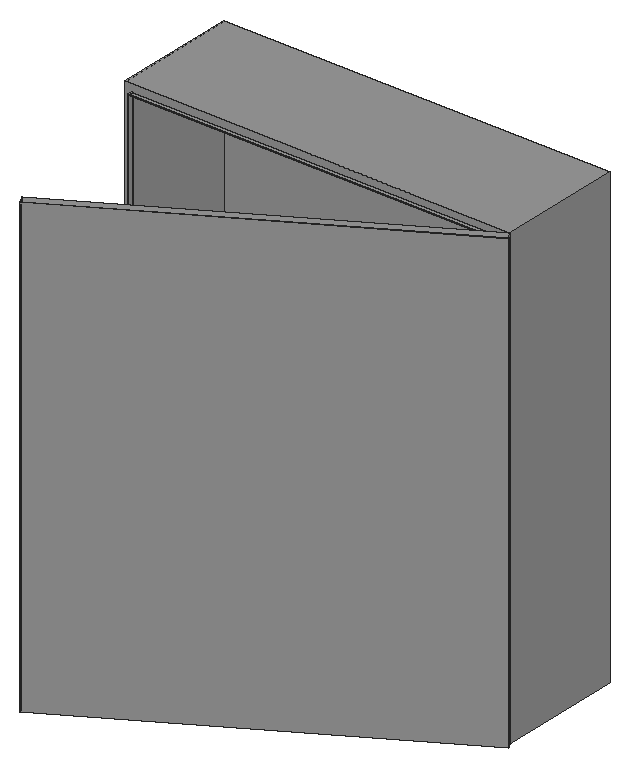
Revit family "Hager-Univers-IP55-D275-H950-Cl.I-Steel_encl-NoHosted-DE-de", category Equipement électrique, Revit 2020
Family settings
  Configuration du panneau = Deux colonnes, circuits au sein
  Cote de connecteur circulaire = Utiliser le diamètre
  Type d'élément = Tableau de raccordement
  Basée sur le plan de construction = Oui
  Toujours verticalement = Oui
  Couper avec des vides une fois chargée = Non
  Partagée = Non
  Point de calcul de pièce = Non
Parameters (values of type "Aufputz IP55 B800 H950 T275  - FR63E")
  Width Control [instance] = if([EF000008 - Breite] > Min Width, [EF000008 - Breite], Min Width)  # 800 mm
  Commentaires du type = [HG000003 - Bereich]  # "Univers"
  Thickness Door [instance] = if([EF009171 - Materialstärke Tür/Deckel] > 3 mm, 3 mm, [EF009171 - Materialstärke Tür/Deckel])  # 1.5 mm
  Seal Frame Offset [instance] = 17 mm  # constant formula
  Plinth Visibility [instance] = [HG000027 - Sockelhöhe] > 0 mm  # no
  Min Width [instance] = 100 mm  # constant formula
  Min Depth [instance] = (2 * [EF009170 - Materialstärke Gehäuse]) + 1 mm  # 4 mm
  Min Height [instance] = 100 mm  # constant formula
  Internal Frame Depth [instance] = (Door System Depth * 0.5)  # 9 mm
  Panel Name [instance] = ""  # (empty or 0)
  Model = ""
  HG000027 - Sockelhöhe = 0 mm
  HG000026 - Stehend auf dem Boden = no
  HG000024 - Höhe des unteren Teils = 600 mm
  HG000023 - Gehäuse mit doppeltem Querschnitt = no
  HG000016 - 3D-Türsichtbarkeit [instance] = yes
  HG000015 - Sichtbarkeit der Türöffnung [instance] = no
  HG000014 - Tür rechts [instance] = yes
  HG000013 - Tür links [instance] = not([HG000014 - Tür rechts])  # no
  HG000012 - Türschwenkwinkel [instance] = 30.00°
  HG000010 - Asymmetrische Türen = no
  HG000009 - Doppelflügeligen Tür = no
  HG000006 - Unterputz = no
  HG000004 - Herstellerreferenz = "FR63E"
  HG000003 - Bereich = "Univers"
  HG000002 - Mit tür = yes
  Frame Offset Bottom [instance] = 10 mm  # constant formula
  Frame Offset [instance] = 15 mm  # constant formula
  EF015940 - Deckel mit Überdruckentlastung = no
  EF011959 - Schutzart (NEMA) = ""
  EF009554 - Anzahl der Öffnungen für Flanschplatten = 6
  EF009212 - Ausführung Deckel = "EV000116 - geschlossen"
  EF009171 - Materialstärke Tür/Deckel = 1.5 mm
  EF009170 - Materialstärke Gehäuse = 1.5 mm
  EF008873 - Nennstrom (In) = 800 A
  EF007800 - Geeignet für Blitzschutz = no
  EF006306 - Mit Schloss = no
  EF006244 - Transparenter Deckel/Tür = no
  EF005474 - Schutzart (IP) = "EV006420 - IP55"
  EF004464 - Art der Tür = "EV002646 - Einzel"
  EF004427 - Anzahl der Module = 216
  EF004293 - Schlagfestigkeit = "EV008784 - IK10"
  EF003532 - Geeignet für Außengebrauch = no
  EF002950 - Breite in Teilungseinheiten = 24
  EF001613 - Funktionserhalt = "EV000494 - ohne"
  EF001596 - Werkstoff des Gehäuses = "EV000179 - Stahl"
  EF001131 - Innentiefe = 275 mm
  EF001088 - Anbaumöglichkeit = yes
  EF000437 - Anzahl der Leitungseinführungen = 6
  EF000339 - Art der Abdeckung = "EV004216 - Tür"
  EF000266 - Anzahl der Reihen = 6
  EF000218 - Einbautiefe = 0 mm
  EF000118 - Mit Montageplatte = no
  EF000116 - RAL-Nummer = "7035"
  EF000049 - Tiefe = 275 mm
  EF000040 - Höhe = 950 mm
  EF000008 - Breite = 800 mm
  EF000007 - Farbe = "EV000270 - grau"
  EF000003 - Montageart = "EV000384 - Aufputz"
  Door System Leaf Tolerance [instance] = 1.5 mm  # constant formula
  Door System Depth [instance] = 18 mm  # constant formula
  Door Height [instance] = Height Control - [HG000027 - Sockelhöhe]  # 950 mm
  Description = ""
  Default Elevation = 1219.2 mm
  Connector Offset [instance] = Height Control / 2  # 475 mm
  Fabricant = "Hager"  # constant formula
  Height Control [instance] = if([EF000040 - Höhe] > Min Height, [EF000040 - Höhe], Min Height)  # 950 mm
  Depth Control [instance] = if([EF000049 - Tiefe] > Min Depth, [EF000049 - Tiefe], Min Depth)  # 275 mm
  Bottom Top Plate Trim [instance] = 1.5 mm  # constant formula
  Plinth height Ctrl [instance] = if([HG000027 - Sockelhöhe] > 0 mm, [HG000027 - Sockelhöhe], 12 mm)  # 12 mm
Types (5, lengths in mm): name | Width Control | HG000010 - Asymmetrische Türen | HG000009 - Doppelflügeligen Tür | HG000004 - Herstellerreferenz | EF009554 - Anzahl der Öffnungen für Flanschplatten | EF004464 - Art der Tür | EF004427 - Anzahl der Module | EF000437 - Anzahl der Leitungseinführungen | EF000008 - Breite
  Aufputz IP55 B1050 H950 T275  - FR64E | 1050 | no | yes | "FR64E" | 8 | "EV003602 - Doppel" | 288 | 8 | 1050
  Aufputz IP55 B1300 H950 T275  - FR65E | 1300 | yes | yes | "FR65E" | 10 | "EV003602 - Doppel" | 360 | 10 | 1300
  Aufputz IP55 B300 H950 T275  - FR61E | 300 | no | no | "FR61E" | 2 | "EV002646 - Einzel" | 72 | 2 | 300
  Aufputz IP55 B550 H950 T275  - FR62E | 550 | no | no | "FR62E" | 4 | "EV002646 - Einzel" | 144 | 4 | 550
  Aufputz IP55 B800 H950 T275  - FR63E | 800 | no | no | "FR63E" | 6 | "EV002646 - Einzel" | 216 | 6 | 800
Reference planes
  plane 1 "Center (Front/Back)": y = 0
  plane 2: z = 0
  plane 3 "Center (Left/Right)": x = 0
  plane 4: y = 0
  plane 5: y = 0
  plane 6: z = 0
  plane 7: x = -400
  plane 8: x = 400
  plane 9: x = 398.5
  plane 10: x = -398.5
  plane 11: z = 0
  plane 12: z = 1.5
  plane 13: y = -275
  plane 14: y = -1.5
  plane 15: x = 0
  plane 16: y = -257
  plane 17: y = -273.5
  plane 18: y = -255.5
  plane 19: x = -383.5
  plane 20: x = 383.5
  plane 21: z = 11.5
  plane 22: x = -383
  plane 23: x = 383
  plane 24: z = 0
  plane 25: z = 950
  plane 26: z = 950
  plane 27: z = 933.5
  plane 28: z = 948.5
Forms (mm)
  Extrusion 1, solid, material "Hager_Steel_RAL7035_Light_Grey", detail levels medium+fine
    sketch origin (-208.679, -4572, 0) x (-1, 0, 0) y (0, -1, 0)
      loop
        line (191.321, -4315) -> (-608.679, -4315) -> (-608.679, -4572) -> (191.321, -4572) -> (191.321, -4315)
    from 0 to 950
  Extrusion 2, void
    sketch origin (-350.771, -275, 1219.2) x (1, 0, 0) y (0, 0, 1)
      loop
        line (-47.729, -270.7) -> (-47.729, -1217.7) -> (749.271, -1217.7) -> (749.271, -270.7) -> (-47.729, -270.7)
    from -19.5 to -273.5
  Extrusion 3, void
    sketch origin (-290.084, -257, 1219.2) x (1, 0, 0) y (0, 0, 1)
      loop
        line (-93.416, -1207.7) -> (673.584, -1207.7) -> (673.584, -285.7) -> (-93.416, -285.7) -> (-93.416, -1207.7)
    from 0 to -1.5
  Extrusion 4, solid, material "Hager_Steel_RAL7035_Light_Grey", visible <- "Plinth Visibility", detail levels medium+fine
    sketch origin (0, 0, 0) x (1, 0, 0) y (0, 1, 0)
      loop
        line (-400, 0) -> (-400, -257) -> (400, -257) -> (400, 0) -> (-400, 0)
    from 0 to 12 <- "Plinth height Ctrl"
  Extrusion 5, solid, material "Hager_Steel_RAL7035_Light_Grey", detail levels coarse
    sketch origin (0, 0, 0) x (1, 0, 0) y (0, 1, 0)
      loop
        line (-400, 0) -> (-400, -275) -> (400, -275) -> (400, 0) -> (-400, 0)
    from 0 to 950 <- "Height Control"
  Sweep 6, void
    path in 3D
      loop
        line (-400, -257, 12) -> (400, -257, 12) -> (400, 0, 12) -> (-400, 0, 12) -> (-400, -257, 12)
    profile origin (-400, -128.5, 12) x (1, 0, 0) y (0, 0, 1)
      loop
        line (0, 0) -> (0, -1.5) -> (1.5, -1.5)
        arc (1.5, -1.5) -> (1.061, -0.439) -> (0, 0) r 1.5
  Extrusion 7, solid, material "Hager_Steel_RAL7035_Light_Grey", detail levels fine
    sketch origin (-400, -257, 0) x (1, 0, 0) y (0, 0, 1)
      loop
        line (16.5, 11.5) -> (783.5, 11.5) -> (783.5, 933.5) -> (16.5, 933.5) -> (16.5, 11.5)
      loop
        line (15, 10) -> (785, 10) -> (785, 935) -> (15, 935) -> (15, 10)
    from 0 to 9 <- "Internal Frame Depth"
Cuts and joins
  Extrusion 2, Extrusion 3 cuts Extrusion 1
  Sweep 6 cuts Extrusion 4
Lines and regions (mm)
  Masking region 1
    outline origin (0, 0, 0) x (1, 0, 0) y (0, 1, 0)
      loop
        line (-400, 0) -> (-400, -275) -> (400, -275) -> (400, 0) -> (-400, 0)
  Masking region 2, detail levels coarse
    outline origin (-290.084, -257, 1219.2) x (-1, 0, 0) y (0, 0, 1)
      loop
        line (-690.084, -1219.2) -> (109.916, -1219.2) -> (109.916, -269.2) -> (-690.084, -269.2) -> (-690.084, -1219.2)
  Masking region 3, detail levels coarse
    outline origin (0, 0, 0) x (0, 1, 0) y (0, 0, 1)
      loop
        line (0, 0) -> (0, 950) -> (-275, 950) -> (-275, 0) -> (0, 0)
  Masking region 4, visible <- "Plinth Visibility", detail levels medium+fine
    outline origin (0, 0, 0) x (0, 1, 0) y (0, 0, 1)
      loop
        line (-1.5, 12) -> (-255.5, 12)
        arc (-255.5, 12) -> (-255.939, 10.939) -> (-257, 10.5) r 1.5
        line (-257, 10.5) -> (-257, 0) -> (0, 0) -> (0, 10.5)
        arc (0, 10.5) -> (-1.061, 10.939) -> (-1.5, 12) r 1.5
  Masking region 5, detail levels medium+fine
    outline origin (0, 0, 594.038) x (0, 1, 0) y (0, 0, 1)
      loop
        line (0, -594.038) -> (0, 355.962) -> (-257, 355.962) -> (-257, -594.038) -> (0, -594.038)
  Masking region 6, detail levels medium+fine
    outline origin (-359.7, -257, 1211.883) x (-1, 0, 0) y (0, 0, 1)
      loop
        line (-759.7, -1211.883) -> (40.3, -1211.883) -> (40.3, -261.883) -> (-759.7, -261.883) -> (-759.7, -1211.883)
  Masking region 7, visible <- "Plinth Visibility", detail levels medium+fine
    outline origin (-320.334, -257, 1041.368) x (-1, 0, 0) y (0, 0, 1)
      loop
        line (-720.334, -1041.368) -> (79.666, -1041.368) -> (79.666, -1030.868)
        arc (79.666, -1030.868) -> (78.606, -1030.429) -> (78.166, -1029.368) r 1.5
        line (78.166, -1029.368) -> (-718.834, -1029.368)
        arc (-718.834, -1029.368) -> (-719.273, -1030.429) -> (-720.334, -1030.868) r 1.5
        line (-720.334, -1030.868) -> (-720.334, -1041.368)
  sketch lines
    curve 1: line (-400, 0, 12) -> (-400, -257, 12)
    curve 2: line (-400, -257, 12) -> (400, -257, 12)
    curve 3: line (400, 0, 12) -> (-400, 0, 12)
    curve 4: line (400, -257, 12) -> (400, 0, 12)
Dimensions and locks
  locked: plane 1 "Center (Front/Back)" to plane 5
  "EF009170 - Materialstärke Gehäuse": plane 7 to plane 10
  "EF009170 - Materialstärke Gehäuse": plane 8 to plane 9
  equal spacing: plane 7, plane 3 "Center (Left/Right)", plane 8
  "Width Control": plane 7 to plane 8
  "Depth Control": plane 4 to plane 13
  "EF009170 - Materialstärke Gehäuse": plane 4 to plane 14
  "Height Control": plane 25 to level
  "HG000027 - Sockelhöhe": plane 11 to level
  "EF009170 - Materialstärke Gehäuse": plane 12 to plane 11
  "EF009170 - Materialstärke Gehäuse": plane 17 to plane 13
  "EF009170 - Materialstärke Gehäuse": plane 18 to plane 16
  "Frame Offset Bottom": plane 21 to plane 12
  "Frame Offset": plane 10 to plane 19
  "Frame Offset": plane 9 to plane 20
  "Door System Depth": plane 16 to plane 13
  "Seal Frame Offset": plane 7 to plane 22
  "Seal Frame Offset": plane 8 to plane 23
  "EF009170 - Materialstärke Gehäuse": plane 26 to plane 28
  "Frame Offset": plane 28 to plane 27
  "Connector Offset": plane 2 to connector elem
  "Bottom Top Plate Trim": profile plane to Sweep 6 sketch curve
  "Bottom Top Plate Trim": Sweep 6 sketch curve to Sweep 6 sketch curve
  "Plinth height Ctrl": Masking region 4 sketch curve to level
  "Plinth height Ctrl": Masking region 7 sketch curve to level
  "Thickness Door": Extrusion 7 sketch curve to Extrusion 7 sketch curve  (x4)
  "Bottom Top Plate Trim": radius of Sweep 6 sketch curve
  "Bottom Top Plate Trim": radius of Masking region 4 sketch curve  (x2)
  "Bottom Top Plate Trim": radius of Masking region 7 sketch curve  (x2)
  aligned and locked: Extrusion 2 sketch curve to plane 12
  aligned and locked: Extrusion 2 sketch curve to plane 9
  aligned and locked: Extrusion 2 sketch curve to plane 10
  aligned and locked: Extrusion 2 to plane 14
  aligned and locked: Extrusion 1 sketch curve to plane 4
  aligned and locked: plane 8 to Extrusion 1 sketch curve
  aligned and locked: plane 7 to Extrusion 1 sketch curve
  aligned and locked: Extrusion 2 to plane 18
  aligned and locked: Extrusion 3 sketch curve to plane 19
  aligned and locked: plane 20 to Extrusion 3 sketch curve
  aligned and locked: Extrusion 3 to Extrusion 2
  aligned and locked: Extrusion 3 sketch curve to plane 21
  aligned and locked: plane 3 "Center (Left/Right)" to nested 1
  aligned and locked: Extrusion 1 sketch curve to plane 16
  aligned and locked: Extrusion 4 sketch curve to cut or joined group of Extrusion 1, Extrusion 2, Extrusion 3
  aligned and locked: Masking region 1 sketch curve to plane 7
  aligned and locked: Masking region 1 sketch curve to plane 5
  aligned and locked: Masking region 1 sketch curve to plane 8
  aligned and locked: Masking region 2 sketch curve to level
  aligned and locked: level to Masking region 3 sketch curve
  aligned and locked: plane 1 "Center (Front/Back)" to Masking region 3 sketch curve
  aligned and locked: plane 13 to Masking region 3 sketch curve
  aligned and locked: plane 5 to Masking region 4 sketch curve
  aligned and locked: Masking region 2 sketch curve to plane 8
  aligned and locked: Masking region 2 sketch curve to plane 7
  aligned and locked: plane 7 to nested 2
  aligned and locked: nested 2 to plane 5
  aligned and locked: plane 5 to Masking region 5 sketch curve
  aligned and locked: plane 26 to Masking region 5 sketch curve
  aligned and locked: Extrusion 5 sketch curve to plane 8
  aligned and locked: Extrusion 5 sketch curve to plane 7
  aligned and locked: Extrusion 5 sketch curve to plane 5
  aligned and locked: Extrusion 3 sketch curve to plane 27
  aligned and locked: Extrusion 2 sketch curve to plane 28
  aligned and locked: Masking region 2 to plane 25
  aligned and locked: Extrusion 4 to plane 16
  aligned and locked: profile plane to Sweep 6 sketch curve
  aligned and locked: Masking region 5 sketch curve to plane 24
  aligned and locked: level to Masking region 4 sketch curve
  aligned and locked: Masking region 1 to plane 13
  aligned and locked: nested 1 to plane 16
  aligned and locked: Masking region 3 to plane 25
  aligned and locked: plane 16 to Masking region 4 sketch curve
  aligned and locked: Masking region 5 sketch curve to plane 16
  aligned and locked: plane 24 to plane 11
  aligned and locked: plane 26 to plane 25
  aligned and locked: plane 26 to cut or joined group of Extrusion 1, Extrusion 2, Extrusion 3
  aligned and locked: nested 1 to plane 24
  aligned and locked: Extrusion 1 to Extrusion 3
  aligned and locked: Masking region 6 sketch curve to plane 8
  aligned and locked: Masking region 6 sketch curve to plane 24
  aligned and locked: Masking region 6 sketch curve to plane 7
  aligned and locked: Masking region 6 sketch curve to plane 26
  aligned and locked: Masking region 7 sketch curve to plane 7
  aligned and locked: level to Masking region 7 sketch curve
  aligned and locked: Masking region 7 sketch curve to plane 8
  aligned and locked: Extrusion 7 sketch curve to cut or joined group of Extrusion 1, Extrusion 2, Extrusion 3  (x4)
Automatic sketch dimensions
  plane 19 to Extrusion 3 sketch curve = 0 mm
  Extrusion 3 sketch curve to plane 20 = 0 mm
  Extrusion 3 sketch curve to plane 21 = 0 mm
  Extrusion 4 sketch curve to plane 7 = 0 mm
  Extrusion 4 sketch curve to plane 8 = 0 mm
  Extrusion 4 sketch curve to plane 16 = 0 mm
  Masking region 1 sketch curve to plane 13 = 0 mm
  Masking region 2 sketch curve to plane 25 = 0 mm
  Masking region 3 sketch curve to plane 25 = 0 mm
  Extrusion 5 sketch curve to plane 13 = 0 mm
  profile plane to Sweep 6 sketch curve = 0 mm
Nested families
  nested 1: "EC000058_Univers_Door" at (0, -257, 0), Double <- "HG000009 - Doppelflügeligen Tür", Transparent <- "EF006244 - Transparenter Deckel/Tür", Angle <- "HG000012 - Türschwenkwinkel", Door_Right <- "HG000014 - Tür rechts", Assymetrical <- "HG000010 - Asymmetrische Türen", Door <- "HG000002 - Mit tür", Width_Ctrl <- "Width Control", 3d_Door <- "HG000016 - 3D-Türsichtbarkeit", Clearance <- "HG000015 - Sichtbarkeit der Türöffnung", Door_Left <- "HG000013 - Tür links", Width <- "Width Control", Door_Depth <- "Door System Depth", Leaf_Tolerance <- "Door System Leaf Tolerance", Height <- "Door Height", Lock_Visibility <- "EF006306 - Mit Schloss", Thickness <- "Thickness Door", type "EC000058_Univers_Door", detail levels medium+fine
    with min_wh 4 mm, Width_Ctrl 800 mm, Width 800 mm, Transparent no, Thickness 1.5 mm, Seal_Material Hager_Rubber, Lock_Visibility no, Lock_Material Hager_Plastic_RAL9005_Jet_Black, Leaf_Width 800 mm, Leaf_Tolerance_External_Sides 0 mm, Leaf_Tolerance 1.5 mm, Leaf_Offset 0 mm, Leaf_Height 947 mm, Leaf_2_Width 800 mm, Leaf_2_Offset 400 mm, Leaf_1_Width 800 mm, Leaf_1_Offset 400 mm, Height_Ctrl 950 mm, Height 950 mm, Glass_Material Hager_Glass, Double_Clearance_Ctrl no, Double no, Door_Right_Ctrl yes, Door_Right yes, Door_Material Hager_Steel_RAL7035_Light_Grey, Door_Left_Ctrl no, Door_Left no, Door_Depth 18 mm, Door yes, Clearance_Material Hager_Clearance, Clearance_Depth 800 mm, Clearance_Ctrl no, Clearance no, Assymetrical no, Angle 30.00°, 3d_Door yes
  nested 2: "Hager_Enclosure_Symbol" at (-400, 0, 0), Height <- "Depth Control", Width <- "Width Control", type "Hager_Enclosure_Symbol"
    with Width_Ctrl 800 mm, Width 800 mm, Height_Ctrl 275 mm, Height 275 mm, A_Width_Int 18.047 mm, A_Width 216.562 mm, A_Height_Ctrl 240.625 mm, A_Height 240.625 mm
Connectors
  electrical at (0, 0, 475)
    settings: on plane 1 "Center (Front/Back)", index 1, voltage 0 V, apparent load 0 VA, apparent load phase1 0 VA, apparent load phase2 0 VA, apparent load phase3 0 VA, power factor 1, load classification "Other", number of poles 1, system type 30, power factor state 1, is connector primary yes, connector utility no, sub classification motor no, connector description ""
Definition of nested family "EC000058_Univers_Door"
  Parameters (values of type "EC000058_Univers_Door")
    min_wh [instance] = (2 * Thickness) + 1 mm  # 11 mm
    Width_Ctrl [instance] = 400 mm
    Width [instance] = 500 mm
    Transparent [instance] = yes
    Thickness [instance] = 5 mm
    Seal_Material [instance] = none
    Lock_Visibility [instance] = yes
    Lock_Material [instance] = none
    Leaf_Width [instance] = if((Width_Ctrl - 2 * Leaf_Tolerance_External_Sides) > 0 mm, (Width_Ctrl - 2 * Leaf_Tolerance_External_Sides), min_wh)  # 400 mm
    Leaf_Tolerance_External_Sides [instance] = 0 mm  # constant formula
    Leaf_Tolerance [instance] = 1.5 mm
    Leaf_Offset [instance] = 0 mm  # constant formula
    Leaf_Height [instance] = if((Height_Ctrl - 2 * Leaf_Tolerance) > 0 mm, (Height_Ctrl - 2 * Leaf_Tolerance), min_wh)  # 497 mm
    Leaf_2_Width [instance] = if(and(and(Double, Assymetrical), Door_Left), (Leaf_Width / 3) - (Leaf_Tolerance / 2), if(and(and(Double, Assymetrical), Door_Right), (Leaf_Width / 3) * 2 - (Leaf_Tolerance / 2), if(and(Double, not(Assymetrical)), (Leaf_Width / 2) - Leaf_Tolerance, Leaf_Width)))  # 400 mm
    Leaf_2_Offset [instance] = if(and(Double, Assymetrical), Leaf_2_Width / 2, if(and(Double, not(Assymetrical)), Leaf_Width / 4, Leaf_Width / 2))  # 200 mm
    Leaf_1_Width [instance] = if(and(and(Double, Assymetrical), Door_Right), (Leaf_Width / 3) - (Leaf_Tolerance / 2), if(and(and(Double, Assymetrical), Door_Left), (Width / 3) * 2 - (Leaf_Tolerance / 2), if(and(Double, not(Assymetrical)), (Leaf_Width / 2) - Leaf_Tolerance, Leaf_Width)))  # 400 mm
    Leaf_1_Offset [instance] = if(and(Double, Assymetrical), Leaf_1_Width / 2, if(and(Double, not(Assymetrical)), Leaf_Width / 4, Leaf_Width / 2))  # 200 mm
    Height_Ctrl [instance] = if(Height > min_wh, Height, min_wh)  # 500 mm
    Height [instance] = 500 mm
    Glass_Material [instance] = none
    Double_Clearance_Ctrl [instance] = and(Double, Clearance)  # no
    Double [instance] = no
    Door_Right_Ctrl [instance] = and(or(Door_Right, Double), Door)  # yes
    Door_Right [instance] = yes
    Door_Material [instance] = none
    Door_Left_Ctrl [instance] = and(or(Door_Left, Double), Door)  # no
    Door_Left [instance] = no
    Door_Depth [instance] = 30 mm
    Door [instance] = yes
    Default Elevation = 1219.2 mm
    Clearance_Material [instance] = none
    Clearance_Depth [instance] = if(Leaf_1_Width > Leaf_2_Width, Leaf_1_Width, Leaf_2_Width)  # 400 mm
    Clearance_Ctrl [instance] = and(not(Double), Clearance)  # yes
    Clearance [instance] = yes
    Assymetrical [instance] = yes
    Angle [instance] = 30.00°
    3d_Door [instance] = yes
  Reference planes
    plane 1 "Center (Front/Back)": y = 0
    plane 2 "Bottom": z = 0
    plane 3 "Center (Left/Right)": x = 0
    plane 4: z = 500
    plane 5: x = -200
    plane 6: x = 200
    plane 7: z = 500
    plane 8: x = -200
    plane 9: z = 0
    plane 10: x = 200
    plane 11: y = 0
    plane 12: z = 1.5
    plane 13: x = -600
    plane 14: y = -400
    plane 15: x = 600
    plane 16: x = 0
    plane 17: x = 0
    plane 18: x = -200
    plane 19: x = 200
    plane 20: z = 498.5
  Forms (mm)
    Extrusion 1, solid, material <- "Clearance_Material", visible <- "Double_Clearance_Ctrl"
      sketch origin (1200, 0, 0) x (1, 0, 0) y (0, 0, -1)
        loop
          line (-1800, -498.5) -> (-600, -498.5) -> (-600, 0) -> (-1800, 0) -> (-1800, -498.5)
      from 0 to -400
  Dimensions and locks
    equal spacing: plane 5, plane 3 "Center (Left/Right)", plane 6
    "Width_Ctrl": plane 5 to plane 6
    "Leaf_Offset": plane 5 to plane 8
    "Leaf_Offset": plane 6 to plane 10
    "Leaf_Offset": plane 9 to level
    "Leaf_Offset": plane 4 to plane 7
    "Height_Ctrl": plane 4 to level
    "Leaf_Tolerance": plane 12 to plane 9
    locked: plane 11 to plane 1 "Center (Front/Back)"
    "Leaf_1_Offset": plane 18 to plane 16
    "Leaf_2_Offset": plane 17 to plane 19
    "Leaf_1_Width": plane 13 to plane 8
    "Leaf_2_Width": plane 10 to plane 15
    "Clearance_Depth": plane 14 to plane 1 "Center (Front/Back)"
    "Leaf_Tolerance_External_Sides": plane 8 to plane 18
    "Leaf_Tolerance_External_Sides": plane 19 to plane 10
    "Leaf_Tolerance": plane 7 to plane 20
    aligned and locked: level to plane 2 "Bottom"
    aligned and locked: nested 1 to plane 16
    aligned and locked: nested 2 to plane 17
    aligned and locked: Extrusion 1 to plane 13
    aligned and locked: plane 15 to Extrusion 1
    aligned and locked: Extrusion 1 to plane 14
    aligned and locked: plane 12 to nested 1
    aligned and locked: nested 2 to plane 12
    aligned and locked: Extrusion 1 to plane 11
    aligned and locked: plane 20 to Extrusion 1
    aligned and locked: nested 2 to plane 11
    aligned and locked: nested 1 to plane 11
  Automatic sketch dimensions
    Extrusion 1 sketch curve to level = 0 mm
    plane 5 to Extrusion 1 sketch curve = 400 mm
    plane 6 to Extrusion 1 sketch curve = 400 mm
    Extrusion 1 sketch curve to plane 4 = 1.5 mm
  Nested families
    nested 1: "EC000058_Univers_Door_Leaf" at (0, 0, 1.5), Width <- "Leaf_1_Width", visible <- "Door_Left_Ctrl", Leaf_Height <- "Leaf_Height", Angle <- "Angle", 3d_Door <- "3d_Door", Transparent <- "Transparent", Clearance Material <- "Clearance_Material", Clearance <- "Clearance_Ctrl", Door_Material <- "Door_Material", Glass_Material <- "Glass_Material", Door_Depth <- "Door_Depth", Lock_Material <- "Lock_Material", Seal_Material <- "Seal_Material", Lock_Visibility <- "Lock_Visibility", Thickness <- "Thickness", type "EC000058_Univers_Door_Leaf"
      with Width 400 mm, Transparent_Glass_Offset 30 mm, Transparent_Ctrl yes, Transparent yes, Thickness 5 mm, Standard no, Seal_Material none, Seal_D2 8 mm, Seal_D1 1 mm, Offset_Internal_Frame 10 mm, Lock_Width 20 mm, Lock_Visibility_3d yes, Lock_Visibility yes, Lock_Thickness_3 3 mm, Lock_Thickness_2 1 mm, Lock_Thickness_1 3 mm, Lock_Radius_Offset_2 16 mm, Lock_Radius_Offset_1 15 mm, Lock_Radius_2 5 mm, Lock_Radius 6 mm, Lock_Offset 5 mm, Lock_Material none, Lock_Height 80 mm, Lock_Cover_Top_Offset_2d 17 mm, Lock_Cover_Height -65 mm, Leaf_Height 497 mm, Internal_Seal_Thickness 8 mm, Internal_Seal_Depth_2 4.5 mm, Internal_Frame_Depth 25 mm, Glass_Thickness -1 mm, Glass_Offset -2 mm, Glass_Material none, Door_Material none, Door_Depth 30 mm, Clearance Material none, Clearance yes, Angle_Ctrl 30.00°, Angle 30.00°, 3d_Door yes
    nested 2: "EC000058_Univers_Door_Leaf" at (0, 0, 1.5) x (-1, 0, 0) z (0, 0, 1), Width <- "Leaf_2_Width", visible <- "Door_Right_Ctrl", Leaf_Height <- "Leaf_Height", Angle <- "Angle", 3d_Door <- "3d_Door", Transparent <- "Transparent", Clearance Material <- "Clearance_Material", Clearance <- "Clearance_Ctrl", Door_Material <- "Door_Material", Glass_Material <- "Glass_Material", Door_Depth <- "Door_Depth", Lock_Material <- "Lock_Material", Seal_Material <- "Seal_Material", Lock_Visibility <- "Lock_Visibility", Thickness <- "Thickness", type "EC000058_Univers_Door_Leaf"
      with Width 400 mm, Transparent_Glass_Offset 30 mm, Transparent_Ctrl yes, Transparent yes, Thickness 5 mm, Standard no, Seal_Material none, Seal_D2 8 mm, Seal_D1 1 mm, Offset_Internal_Frame 10 mm, Lock_Width 20 mm, Lock_Visibility_3d yes, Lock_Visibility yes, Lock_Thickness_3 3 mm, Lock_Thickness_2 1 mm, Lock_Thickness_1 3 mm, Lock_Radius_Offset_2 16 mm, Lock_Radius_Offset_1 15 mm, Lock_Radius_2 5 mm, Lock_Radius 6 mm, Lock_Offset 5 mm, Lock_Material none, Lock_Height 80 mm, Lock_Cover_Top_Offset_2d 17 mm, Lock_Cover_Height -65 mm, Leaf_Height 497 mm, Internal_Seal_Thickness 8 mm, Internal_Seal_Depth_2 4.5 mm, Internal_Frame_Depth 25 mm, Glass_Thickness -1 mm, Glass_Offset -2 mm, Glass_Material none, Door_Material none, Door_Depth 30 mm, Clearance Material none, Clearance yes, Angle_Ctrl 30.00°, Angle 30.00°, 3d_Door yes
  Definition of nested family "EC000058_Univers_Door_Leaf"
    Parameters (values of type "EC000058_Univers_Door_Leaf")
      Width [instance] = 2000 mm
      Transparent_Glass_Offset [instance] = 30 mm
      Transparent_Ctrl [instance] = and(Transparent, [3d_Door])  # yes
      Transparent [instance] = yes
      Thickness [instance] = 5 mm
      Standard [instance] = and(not(Transparent), [3d_Door])  # no
      Seal_Material [instance] = none
      Seal_D2 [instance] = 8 mm  # constant formula
      Seal_D1 [instance] = 1 mm  # constant formula
      Offset_Internal_Frame [instance] = 10 mm  # constant formula
      Lock_Width [instance] = 20 mm  # constant formula
      Lock_Visibility_3d [instance] = and(Lock_Visibility, [3d_Door])  # yes
      Lock_Visibility [instance] = yes
      Lock_Thickness_3 [instance] = 3 mm  # constant formula
      Lock_Thickness_2 [instance] = 1 mm  # constant formula
      Lock_Thickness_1 [instance] = 3 mm  # constant formula
      Lock_Radius_Offset_2 [instance] = Lock_Radius_Offset_1 + 1 mm  # 16 mm
      Lock_Radius_Offset_1 [instance] = 15 mm  # constant formula
      Lock_Radius_2 [instance] = Lock_Radius - 1 mm  # 5 mm
      Lock_Radius [instance] = 6 mm  # constant formula
      Lock_Offset [instance] = 5 mm  # constant formula
      Lock_Material [instance] = none
      Lock_Height [instance] = 80 mm  # constant formula
      Lock_Cover_Top_Offset_2d [instance] = Lock_Radius_Offset_2 + 1 mm  # 17 mm
      Lock_Cover_Height [instance] = -(Lock_Height - Lock_Radius_Offset_1)  # -65 mm
      Leaf_Height [instance] = 2720.336 mm
      Internal_Seal_Thickness [instance] = 8 mm  # constant formula
      Internal_Seal_Depth_2 [instance] = 4.5 mm  # constant formula
      Internal_Frame_Depth [instance] = if(Door_Depth - Thickness > 5 mm, Door_Depth - Thickness, 5 mm)  # 25 mm
      Glass_Thickness [instance] = if(Thickness > 15 mm, Glass_Offset + 10 mm, -1 mm)  # -1 mm
      Glass_Offset [instance] = if(Thickness > 15 mm, -(Thickness + 10 mm) / 2, -2 mm)  # -2 mm
      Glass_Material [instance] = none
      Door_Material [instance] = none
      Door_Depth [instance] = 30 mm
      Default Elevation = 0 mm
      Clearance Material [instance] = none
      Clearance [instance] = yes
      Angle_Ctrl [instance] = if(Angle > 180.00°, 180.00°, Angle)  # 90.00°
      Angle [instance] = 90.00°
      3d_Door [instance] = yes
    Reference planes
      plane 1 "Center (Front/Back)": y = 0
      plane 2: z = 0
      plane 3 "Center (Left/Right)": x = 0
      plane 4: y = 2000
      plane 5: x = -1000
      plane 6: x = 1000
      plane 7: x = -3000
      plane 8: z = 2720.336
      plane 9: z = 30
      plane 10: z = 2690.336
      plane 11: x = 970
      plane 12: x = -970
      plane 13: y = -3
      plane 14: z = 107.833
      plane 15: y = -5
      plane 16: y = -223.314
      plane 17: x = -1000
      plane 18: z = 1360.168
      plane 19: y = 30
    Forms (mm)
      Extrusion 1, solid, material <- "Clearance Material", visible <- "Clearance"
        sketch origin (0, 0, 0) x (1, 0, 0) y (0, 0, 1)
          loop
            line (-3000, 2720.336) -> (-3000, 0) -> (1000, 0) -> (1000, 2720.336) -> (-3000, 2720.336)
        from 0 to -2000
      Extrusion 2, solid, material <- "Door_Material", visible <- "Standard", detail levels medium+fine
        sketch origin (-1000, 0, 0) x (0, 1, 0) y (-1, 0, 0)
          loop
            line (0, 30) -> (0, 25) -> (2000, 25) -> (2000, 30) -> (0, 30)
        from 0 to 2720.336 <- "Leaf_Height"
      Extrusion 3, solid, material <- "Door_Material", visible <- "Transparent_Ctrl", detail levels medium+fine
        sketch origin (-1000, 0, 0) x (0, 1, 0) y (-1, 0, 0)
          loop
            line (0, 25) -> (2000, 25) -> (2000, 30) -> (0, 30) -> (0, 25)
        from 0 to 2720.336 <- "Leaf_Height"
      Extrusion 4, void
        sketch origin (-1025, 2000, 0) x (0, 1, 0) y (0, 0, -1)
          loop
            line (-30, -2690.336) -> (-30, -30) -> (-1970, -30) -> (-1970, -2690.336) -> (-30, -2690.336)
        from 0 to 5 <- "Thickness"
      Sweep 5, solid, material <- "Seal_Material", visible <- "Transparent_Ctrl", detail levels fine
        path in 3D
          loop
            line (-1025, 30, 30) -> (-1025, 30, 2690.336) -> (-1025, 1970, 2690.336) -> (-1025, 1970, 30) -> (-1025, 30, 30)
        profile origin (-1025, 1000, 30) x (1, 0, 0) y (0, 0, 1)
          loop
            line (0, 0) -> (0, -8) -> (1, -8) -> (1, 0) -> (0, 0)
      Extrusion 6, solid, material <- "Glass_Material", visible <- "Transparent_Ctrl", detail levels medium+fine
        sketch origin (-1030, 0, 0) x (0, 1, 0) y (0, 0, -1)
          loop
            line (1970, -2690.336) -> (1970, -30) -> (30, -30) -> (30, -2690.336) -> (1970, -2690.336)
        from -2 <- "Glass_Offset" to -1 <- "Glass_Thickness"
      Extrusion 7, solid, material <- "Door_Material", visible <- "3d_Door", detail levels medium+fine
        sketch origin (-1025, 2000, 0) x (0, -1, 0) y (0, 0, -1)
          loop
            line (0, -2720.336) -> (2000, -2720.336) -> (2000, 0) -> (0, 0) -> (0, -2720.336)
          loop
            line (1995, -5) -> (5, -5) -> (5, -2715.336) -> (1995, -2715.336) -> (1995, -5)
        from 0 to 25 <- "Internal_Frame_Depth"
      Sweep 8, solid, material <- "Seal_Material", visible <- "Transparent_Ctrl", detail levels fine
        path in 3D
          loop
            line (-1025, 0, 0) -> (-1025, 2000, 0) -> (-1025, 2000, 2720.336) -> (-1025, 0, 2720.336) -> (-1025, 0, 0)
        profile origin (-1025, 0, 1360.168) x (1, 0, 0) y (0, 1, 0)
          loop
            line (0, 10) -> (2.975, 10)
            arc (2.975, 10) -> (4.053, 10.447) -> (4.5, 11.525) r 1.525
            line (4.5, 11.525) -> (4.5, 16.527)
            arc (4.5, 16.527) -> (4.069, 17.569) -> (3.027, 18) r 1.473
            line (3.027, 18) -> (0, 18) -> (0, 10)
      Extrusion 9, solid, material <- "Lock_Material", visible <- "Lock_Visibility_3d", detail levels fine
        sketch origin (-1030, 0, 0) x (0, 1, 0) y (0, 0, -1)
          loop
            arc (1993.5, -1400.168) -> (1994.561, -1399.729) -> (1995, -1398.668) r 1.5
            line (1995, -1398.668) -> (1995, -1320.168) -> (1975, -1320.168) -> (1975, -1398.668)
            arc (1975, -1398.668) -> (1975.439, -1399.729) -> (1976.5, -1400.168) r 1.5
            line (1976.5, -1400.168) -> (1993.5, -1400.168)
        from 3 <- "Lock_Thickness_1" to 0
      Blend 10, solid, material <- "Lock_Material", visible <- "Lock_Visibility_3d", detail levels fine
        base sketch origin (-1033, 0, 0) x (0, 1, 0) y (0, 0, -1)
          loop
            line (1975, -1320.168) -> (1975, -1398.668)
            arc (1975, -1398.668) -> (1975.439, -1399.729) -> (1976.5, -1400.168) r 1.5
            line (1976.5, -1400.168) -> (1993.5, -1400.168)
            arc (1993.5, -1400.168) -> (1994.561, -1399.729) -> (1995, -1398.668) r 1.5
            line (1995, -1398.668) -> (1995, -1320.168) -> (1975, -1320.168)
        top sketch origin (-1033, 0, 0) x (0, 1, 0) y (0, 0, -1)
          loop
            line (1976, -1320.168) -> (1976, -1398.668)
            arc (1976, -1398.668) -> (1976.146, -1399.022) -> (1976.5, -1399.168) r 0.5
            line (1976.5, -1399.168) -> (1993.5, -1399.168)
            arc (1993.5, -1399.168) -> (1993.854, -1399.022) -> (1994, -1398.668) r 0.5
            line (1994, -1398.668) -> (1994, -1320.168) -> (1976, -1320.168)
        from 0 to 1 <- "Lock_Thickness_2"
      Blend 11, solid, material <- "Lock_Material", visible <- "Lock_Visibility_3d", detail levels fine
        base sketch origin (-1034, 0, 0) x (0, 1, 0) y (0, 0, -1)
          loop
            line (1978, -1320.168) -> (1978, -1384.168)
            arc (1978, -1384.168) -> (1985, -1391.168) -> (1992, -1384.168) r 7
            line (1992, -1384.168) -> (1992, -1320.168) -> (1978, -1320.168)
        top sketch origin (-1034, 0, 0) x (0, 1, 0) y (0, 0, -1)
          loop
            line (1991, -1320.168) -> (1979, -1320.168) -> (1979, -1383.168)
            arc (1979, -1383.168) -> (1985, -1389.168) -> (1991, -1383.168) r 6
            line (1991, -1383.168) -> (1991, -1320.168)
        from 0 to 3 <- "Lock_Thickness_3"
      Extrusion 12, solid, material <- "Lock_Material", visible <- "Lock_Visibility_3d", detail levels fine
        sketch origin (-1030, 1975, 1320.168) x (1, 0, 0) y (0, -1, 0)
          loop
            line (-7, -19) -> (-7, -1) -> (0, -1) -> (0, 0) -> (-8, 0) -> (-8, -20) -> (0, -20) -> (0, -19) -> (-7, -19)
        from 0 to -65 <- "Lock_Cover_Height"
      Extrusion 13, void
        sketch origin (-1038, 1995, 1320.168) x (-1, 0, 0) y (0, 0, -1)
          loop
            line (-5, -65) -> (0, -65) -> (-5, -60) -> (-5, -65)
        from 0 to 20 <- "Lock_Width"
      Extrusion 14, void
        sketch origin (-1038, 1975, 1320.168) x (0, -1, 0) y (0, 0, -1)
          loop
            circle (-10, -15.995) r 6
          loop
            circle (-10, -15.995) r 5
        from 0 to 2
      Extrusion 15, solid, material <- "Lock_Material", visible <- "Lock_Visibility_3d", detail levels medium
        sketch origin (-1030, 0, 0) x (0, 1, 0) y (0, 0, -1)
          loop
            arc (1993.5, -1400.168) -> (1994.561, -1399.729) -> (1995, -1398.668) r 1.5
            line (1995, -1398.668) -> (1995, -1320.168) -> (1975, -1320.168) -> (1975, -1398.668)
            arc (1975, -1398.668) -> (1975.439, -1399.729) -> (1976.5, -1400.168) r 1.5
            line (1976.5, -1400.168) -> (1993.5, -1400.168)
        from 8 to 0
    Cuts and joins
      Extrusion 4 cuts Extrusion 3
      Extrusion 13, Extrusion 14 cuts Extrusion 9
      Extrusion 14 cuts Blend 11
      Extrusion 13, Extrusion 14 cuts Extrusion 12
      joined: Extrusion 9, Blend 10, Blend 11, Extrusion 12
      Extrusion 14 cuts Extrusion 15
    Lines and regions (mm)
      Masking region 1, visible <- "Lock_Visibility", detail levels fine
        outline origin (0, 0, 0) x (0, 1, 0) y (0, 0, 1)
          loop
            line (30, 1320.168) -> (33, 1320.168) -> (33, 1400.168) -> (30, 1400.168) -> (30, 1320.168)
      Masking region 2, visible <- "Lock_Visibility", detail levels fine
        outline origin (0, 3.143, 0) x (0, 1, 0) y (0, 0, 1)
          loop
            line (29.857, 1354.168) -> (30.857, 1354.168) -> (30.857, 1366.168) -> (29.857, 1366.168) -> (29.857, 1354.168)
      Masking region 3, detail levels medium+fine
        outline origin (0, 0, 0) x (0, 1, 0) y (0, 0, 1)
          loop
            line (0, 0) -> (30, 0) -> (30, 2720.336) -> (0, 2720.336) -> (0, 0)
      Masking region 4, detail levels medium+fine
        outline origin (0, 0, 0) x (1, 0, 0) y (0, 0, 1)
          loop
            line (-1000, 2720.336) -> (-1000, 0) -> (1000, 0) -> (1000, 2720.336) -> (-1000, 2720.336)
      Masking region 5, visible <- "Lock_Visibility", detail levels fine
        outline origin (-47.116, 0, 0) x (1, 0, 0) y (0, 0, 1)
          loop
            arc (1024.616, 1399.168) -> (1023.556, 1398.729) -> (1023.116, 1397.668) r 1.5
            line (1023.116, 1397.668) -> (1023.116, 1320.168) -> (1041.116, 1320.168) -> (1041.116, 1397.668)
            arc (1041.116, 1397.668) -> (1040.677, 1398.729) -> (1039.616, 1399.168) r 1.5
            line (1039.616, 1399.168) -> (1024.616, 1399.168)
      Masking region 6, visible <- "Lock_Visibility", detail levels medium+fine
        outline origin (-25, 0, 0) x (1, 0, 0) y (0, 0, 1)
          loop
            arc (1001.5, 1400.168) -> (1000.439, 1399.729) -> (1000, 1398.668) r 1.5
            line (1000, 1398.668) -> (1000, 1320.168) -> (1020, 1320.168) -> (1020, 1398.668)
            arc (1020, 1398.668) -> (1019.561, 1399.729) -> (1018.5, 1400.168) r 1.5
            line (1018.5, 1400.168) -> (1001.5, 1400.168)
      Masking region 7, visible <- "Lock_Visibility", detail levels fine
        outline origin (-73.735, 0, 0) x (1, 0, 0) y (0, 0, 1)
          loop
            line (1051.735, 1382.168) -> (1065.735, 1382.168) -> (1065.735, 1384.168)
            arc (1065.735, 1384.168) -> (1058.735, 1391.168) -> (1051.735, 1384.168) r 7
            line (1051.735, 1384.168) -> (1051.735, 1382.168)
      Masking region 8, visible <- "Lock_Visibility", detail levels fine
        outline origin (-73.735, 0, 0) x (1, 0, 0) y (0, 0, 1)
          loop
            line (1052.735, 1382.168) -> (1064.735, 1382.168) -> (1064.735, 1383.168)
            arc (1064.735, 1383.168) -> (1058.735, 1389.168) -> (1052.735, 1383.168) r 6
            line (1052.735, 1383.168) -> (1052.735, 1382.168)
      Masking region 9, visible <- "Lock_Visibility", detail levels fine
        outline origin (-25, 0, 0) x (1, 0, 0) y (0, 0, 1)
          loop
            line (1020, 1320.168) -> (1020, 1382.168) -> (1000, 1382.168) -> (1000, 1320.168) -> (1020, 1320.168)
      Masking region 10, detail levels medium+fine
        outline origin (0, 0, 0) x (1, 0, 0) y (0, 0, 1)
          loop
            circle (985, 1335.144) r 6
      Masking region 11, detail levels fine
        outline origin (0, 0, 0) x (1, 0, 0) y (0, 0, 1)
          loop
            circle (985, 1335.144) r 5
      Masking region 12, visible <- "Lock_Visibility", detail levels fine
        outline origin (0, 12.767, 0) x (0, 1, 0) y (0, 0, 1)
          loop
            line (20.233, 1320.168) -> (21.233, 1320.168) -> (21.233, 1399.168) -> (20.233, 1400.168) -> (20.233, 1320.168)
      Masking region 13, visible <- "Lock_Visibility", detail levels fine
        outline origin (0, 13.767, -10) x (0, 1, 0) y (0, 0, 1)
          loop
            line (20.233, 1330.168) -> (23.233, 1330.168) -> (23.233, 1399.168) -> (20.233, 1402.168) -> (20.233, 1330.168)
      Masking region 14, visible <- "Lock_Visibility", detail levels fine
        outline origin (0, 12.767, -10) x (0, 1, 0) y (0, 0, 1)
          loop
            line (20.233, 1330.168) -> (25.233, 1330.168) -> (25.233, 1399.305) -> (20.233, 1394.305) -> (20.233, 1330.168)
      Masking region 15, visible <- "Lock_Visibility", detail levels medium
        outline origin (0, 0, 0) x (0, 1, 0) y (0, 0, 1)
          loop
            line (30, 1320.168) -> (38, 1320.168) -> (38, 1400.168) -> (30, 1400.168) -> (30, 1320.168)
      Masking region 16, visible <- "Lock_Visibility", detail levels fine
        outline origin (-1000, 0, 0) x (0, 1, 0) y (-1, 0, 0)
          loop
            line (1975, 30) -> (1995, 30) -> (1995, 38) -> (1975, 38) -> (1975, 30)
          loop
            line (1979, 37) -> (1976, 37) -> (1976, 34) -> (1978, 34) -> (1979, 37)
          loop
            line (1994, 37) -> (1991, 37) -> (1992, 34) -> (1994, 34) -> (1994, 37)
      Masking region 17, visible <- "Lock_Visibility", detail levels medium
        outline origin (-1000, 0, 0) x (0, 1, 0) y (-1, 0, 0)
          loop
            line (1975, 30) -> (1995, 30) -> (1995, 38) -> (1975, 38) -> (1975, 30)
      symbolic lines
        curve 1: line (1000, 0, 0) -> (-3000, 0, 0)
        curve 2: arc (1000, 0, 0) -> (-1000, 2000, 0) -> (-3000, 0, 0) r 2000
        curve 4: line (-1030, 0, 0) -> (-1030, 2000, 0)
      reference lines
        curve 3: line (-1000, 0, 0) -> (-1000, 2000, 0)
      symbolic lines, detail levels medium+fine
        curve 5: line (-1030, 2000, 0) -> (-1025, 2000, 0)
        curve 7: line (-1025, 0, 0) -> (-1030, 0, 0)
        curve 8: line (-1025, 0, 0) -> (-1000, 0, 0)
        curve 9: line (-1000, 0, 0) -> (-1000, 2000, 0)
        curve 10: line (-1000, 2000, 0) -> (-1025, 2000, 0)
      symbolic lines, detail levels fine
        curve 6: line (-1025, 2000, 0) -> (-1025, 0, 0)
      sketch lines
        curve 11: line (-1025, 0, 2720.336) -> (-1025, 0, 0)
        curve 12: line (-1025, 2000, 0) -> (-1025, 0, 0)
        curve 13: line (-1025, 2000, 2720.336) -> (-1025, 2000, 0)
        curve 14: line (-1025, 0, 2720.336) -> (-1025, 2000, 2720.336)
        curve 15: line (-1025, 1970, 30) -> (-1025, 30, 30)
        curve 16: line (-1025, 30, 30) -> (-1025, 30, 2690.336)
        curve 17: line (-1025, 1970, 2690.336) -> (-1025, 1970, 30)
        curve 18: line (-1025, 30, 2690.336) -> (-1025, 1970, 2690.336)
      symbolic lines, visible <- "Transparent", detail levels medium+fine
        curve 19: line (-970, 0, 2690.336) -> (970, 0, 2690.336)
        curve 20: line (-970, 0, 30) -> (-970, 0, 2690.336)
        curve 21: line (970, 0, 30) -> (-970, 0, 30)
        curve 22: line (970, 0, 2690.336) -> (970, 0, 30)
    Dimensions and locks
      "Width": plane 1 "Center (Front/Back)" to plane 4
      equal spacing: plane 5, plane 3 "Center (Left/Right)", plane 6
      "Width": plane 5 to plane 6
      "Width": plane 7 to plane 5
      "Leaf_Height": plane 8 to level
      "Width": curve 5 to curve 3
      "Width": curve 3 to curve 3
      plane 8 to plane 10 = 30 mm
      plane 9 to level = 30 mm
      plane 12 to plane 5 = 30 mm
      plane 6 to plane 11 = 30 mm
      Extrusion 1 to Extrusion 4 sketch curve = 30 mm
      "Transparent_Glass_Offset": curve 3 to Extrusion 4 sketch curve
      "Transparent_Glass_Offset": Extrusion 4 sketch curve to cut or joined group of Extrusion 3, Extrusion 4  (x2)
      cut or joined group of Extrusion 3, Extrusion 4 to Extrusion 6 sketch curve = 30 mm
      "Transparent_Glass_Offset": cut or joined group of Extrusion 3, Extrusion 4 to Extrusion 4 sketch curve
      "Thickness": curve 6 to curve 4
      "Thickness": Extrusion 7 sketch curve to Extrusion 7 sketch curve  (x4)
      "Door_Depth": curve 4 to curve 3
      "Offset_Internal_Frame": profile plane to Sweep 8 sketch curve
      "Internal_Seal_Thickness": Sweep 8 sketch curve to Sweep 8 sketch curve
      "Internal_Seal_Depth_2": profile plane to Sweep 8 sketch curve
      "Seal_D1": profile plane to Sweep 5 sketch curve
      "Seal_D2": profile plane to Sweep 5 sketch curve
      "Thickness": Extrusion 2 sketch curve to Extrusion 2 sketch curve
      equal spacing: Extrusion 9 sketch curve, plane 18, Extrusion 9 sketch curve  (x2)
      equal spacing: Masking region 1 sketch curve, plane 18, Masking region 1 sketch curve
      "Lock_Height": Masking region 1 sketch curve to Masking region 1 sketch curve
      "Lock_Radius": Masking region 2 sketch curve to plane 18 to Masking region 2 sketch curve
      Masking region 2 sketch curve to Masking region 1 = 1 mm
      "Door_Depth": plane 19 to plane 1 "Center (Front/Back)"
      "Lock_Thickness_1": Masking region 1 sketch curve to plane 19
      "Lock_Width": Extrusion 9 sketch curve to Extrusion 9 sketch curve
      "Lock_Height": Extrusion 9 sketch curve to Extrusion 9 sketch curve
      "Lock_Offset": cut or joined group of Extrusion 3, Extrusion 4 to Extrusion 9 sketch curve
      equal spacing: plane 8, plane 18, level
      "Lock_Radius_Offset_1": Blend 11 sketch curve to Blend 10
      locked: Blend 10 to Blend 11 sketch curve at 2  (x2)
      locked: var sketch to Blend 11 sketch curve at 1  (x2)
      "Lock_Radius_Offset_2": Blend 11 sketch curve to Blend 10
      locked: Extrusion 12 sketch curve to Extrusion 12 sketch curve at 1  (x3)
      Masking region 6 sketch curve to Masking region 6 sketch curve = 80 mm
      "Lock_Height": Masking region 6 sketch curve to Masking region 6 sketch curve
      "Lock_Width": Masking region 6 sketch curve to Masking region 6 sketch curve
      locked: Masking region 6 to Masking region 5 sketch curve at 1  (x3)
      locked: Masking region 5 to Masking region 7 sketch curve at 2  (x2)
      "Lock_Radius_Offset_1": Masking region 5 to Masking region 7 sketch curve
      "Lock_Radius_Offset_2": Masking region 5 to Masking region 8 sketch curve
      locked: Masking region 7 to Masking region 8 sketch curve at 1  (x2)
      "Lock_Cover_Top_Offset_2d": Masking region 5 to Masking region 9 sketch curve
      equal spacing: Masking region 9, Masking region 10 sketch curve, Masking region 9
      equal spacing: Masking region 9, Masking region 11 sketch curve, Masking region 9
      Extrusion 15 sketch curve to Extrusion 15 sketch curve = 80 mm
      "Lock_Width": Extrusion 15 sketch curve to Extrusion 15 sketch curve
      "Lock_Height": Extrusion 15 sketch curve to Extrusion 15 sketch curve
      equal spacing: Extrusion 15 sketch curve, plane 18, Extrusion 15 sketch curve
      "Lock_Thickness_3": Masking region 13 sketch curve to Masking region 13 sketch curve
      "Lock_Height": Masking region 12 sketch curve to Masking region 12 sketch curve
      locked: Masking region 13 sketch curve to Masking region 1 at 8
      locked: Masking region 14 sketch curve to Masking region 13 at 1
      locked: Masking region 14 sketch curve to Masking region 1 at 10.863
      "Lock_Height": Masking region 15 sketch curve to Masking region 15 sketch curve
      "Lock_Offset": Extrusion 15 sketch curve to cut or joined group of Extrusion 3, Extrusion 4
      "Lock_Offset": plane 6 to Masking region 6 sketch curve
      radius of Sweep 8 sketch curve = 1.525 mm
      radius of Sweep 8 sketch curve = 1.473 mm
      radius of Extrusion 9 sketch curve = 1.5 mm  (x2)
      "Lock_Radius": radius of Extrusion 14 sketch curve
      "Lock_Radius_2": radius of Extrusion 14 sketch curve
      "Lock_Radius": radius of Masking region 10 sketch curve
      "Lock_Radius_2": radius of Masking region 11 sketch curve
      radius of Extrusion 15 sketch curve = 1.5 mm  (x2)
      "Angle_Ctrl": angle plane 1 "Center (Front/Back)" to curve 3
      locked: Masking region 12 sketch curve to Masking region 12 sketch curve (angle 45.00°)
      locked: Masking region 13 sketch curve to Masking region 13 sketch curve (angle 45.00°)
      locked: Masking region 14 sketch curve to Masking region 14 sketch curve (angle 45.00°)
      aligned and locked: level to plane 2
      aligned and locked: Extrusion 1 to curve 1
      aligned and locked: plane 6 to Extrusion 1
      aligned and locked: Extrusion 1 to plane 1 "Center (Front/Back)"
      aligned and locked: plane 4 to Extrusion 1
      aligned and locked: plane 8 to Extrusion 1
      aligned and locked: curve 7 to Extrusion 2 sketch curve
      aligned and locked: curve 5 to Extrusion 2 sketch curve
      aligned and locked: curve 7 to Extrusion 3 sketch curve
      aligned and locked: Extrusion 3 sketch curve to curve 4
      aligned and locked: Extrusion 3 sketch curve to curve 6
      aligned and locked: Extrusion 3 sketch curve to curve 5
      aligned and locked: curve 9 to curve 3
      aligned and locked: Extrusion 7 sketch curve to cut or joined group of Extrusion 3, Extrusion 4  (x4)
      aligned and locked: plane 17 to curve 3
      aligned and locked: plane 1 "Center (Front/Back)" to curve 3
      aligned and locked: plane 17 to plane 5
      aligned and locked: Sweep 8 sketch curve to profile plane
      aligned and locked: Sweep 5 sketch curve to profile plane  (x2)
      aligned and locked: Masking region 1 to Masking region 2 sketch curve
      aligned and locked: plane 19 to Masking region 1 sketch curve
      aligned and locked: plane 1 "Center (Front/Back)" to Masking region 3 sketch curve
      aligned and locked: plane 19 to Masking region 3 sketch curve
      aligned and locked: level to Masking region 3 sketch curve
      aligned and locked: Masking region 3 sketch curve to plane 8
      aligned and locked: plane 17 to Masking region 4 sketch curve
      aligned and locked: level to Masking region 4 sketch curve
      aligned and locked: Masking region 4 sketch curve to plane 8
      aligned and locked: plane 12 to curve 20
      aligned and locked: plane 10 to curve 19
      aligned and locked: plane 11 to curve 22
      aligned and locked: curve 21 to plane 9
      aligned and locked: Extrusion 2 sketch curve to cut or joined group of Extrusion 3, Extrusion 4
      aligned and locked: Blend 10 sketch curve to Extrusion 9  (x4)
      aligned and locked: Extrusion 9 to Blend 10 sketch curve
      aligned and locked: Blend 10 to Blend 11 sketch curve
      aligned and locked: Extrusion 12 sketch curve to Blend 11
      aligned and locked: Extrusion 12 sketch curve to Extrusion 9  (x4)
      aligned and locked: Masking region 5 sketch curve to Masking region 6
      aligned and locked: Masking region 9 sketch curve to Masking region 6  (x3)
      aligned and locked: Masking region 12 sketch curve to Masking region 1
      aligned and locked: Masking region 13 sketch curve to Masking region 1
      aligned and locked: Masking region 12 to Masking region 14
      aligned and locked: Masking region 14 sketch curve to Masking region 1
      aligned and locked: Masking region 15 sketch curve to Masking region 14
      aligned and locked: Masking region 13 sketch curve to Masking region 12
      aligned and locked: Masking region 16 sketch curve to cut or joined group of Extrusion 14, Extrusion 15  (x4)
      aligned and locked: Masking region 16 sketch curve to cut or joined group of Extrusion 9, Blend 10, Blend 11, Extrusion 12, Extrusion 13, Extrusion 14  (x6)
      aligned and locked: cut or joined group of Extrusion 9, Blend 10, Blend 11, Extrusion 12, Extrusion 13, Extrusion 14 to Masking region 16 sketch curve
      aligned and locked: Masking region 17 sketch curve to cut or joined group of Extrusion 14, Extrusion 15  (x3)
      aligned and locked: Masking region 17 sketch curve to cut or joined group of Extrusion 9, Blend 10, Blend 11, Extrusion 12, Extrusion 13, Extrusion 14
      aligned and locked: Masking region 9 to Masking region 8 sketch curve
      aligned and locked: Masking region 9 to Masking region 7 sketch curve
    Automatic sketch dimensions
      plane 1 "Center (Front/Back)" to curve 2 = 0 mm
      curve 2 to plane 5 = 0 mm
      Extrusion 1 sketch curve to level = 0 mm
      Extrusion 1 sketch curve to plane 7 = 0 mm
      Extrusion 1 sketch curve to plane 6 = 0 mm
      Extrusion 1 sketch curve to plane 8 = 0 mm
      Extrusion 3 to Extrusion 6 sketch curve = 30 mm  (x4)
      Masking region 4 sketch curve to plane 6 = 0 mm
      Blend 10 sketch curve to Extrusion 9 = 1.5 mm
      Blend 10 sketch curve to Extrusion 9 = 1 mm
      Extrusion 13 sketch curve to Extrusion 12 = 0 mm  (x2)
      Extrusion 12 to Extrusion 13 sketch curve = 3 mm
      Extrusion 13 sketch curve to Extrusion 12 = 5 mm
      Extrusion 14 sketch curve to Extrusion 14 sketch curve = 0 mm  (x2)
      Extrusion 14 sketch curve to Extrusion 12 = 10 mm
      Extrusion 14 sketch curve to Extrusion 12 = 15.995 mm
      Masking region 5 sketch curve to Masking region 5 sketch curve = 1.5 mm  (x2)
      Masking region 10 sketch curve to plane 18 = 25.024 mm
      Masking region 11 sketch curve to plane 18 = 25.024 mm
      plane 19 to Masking region 14 sketch curve = 3 mm
      Masking region 16 sketch curve to Masking region 16 sketch curve = 3 mm
      curve 4 to curve 3 = 0 mm
      Blend 10 to Blend 11 sketch curve = 0 mm
      Masking region 6 sketch curve to Masking region 6 sketch curve = 1.5 mm  (x2)
      Masking region 6 sketch curve to plane 18 = 40 mm
      plane 19 to Masking region 12 sketch curve = 3 mm
      Masking region 12 sketch curve to Masking region 12 sketch curve = 1 mm
      Masking region 15 sketch curve to plane 19 = 0 mm
      Masking region 15 sketch curve to plane 18 = 40 mm
      radius of Blend 10 sketch curve to Extrusion 9 = 1 mm
Definition of nested family "Hager_Enclosure_Symbol"
  Parameters (values of type "Hager_Enclosure_Symbol")
    Width_Ctrl [instance] = if(Width > 1 mm, Width, 1 mm)  # 102.27 mm
    Width [instance] = 102.27 mm
    Height_Ctrl [instance] = if(Height > 1 mm, Height, 1 mm)  # 66.5 mm
    A_Width_Int [instance] = if(A_Width / 12 > 2 mm, A_Width / 12, 2 mm)  # 4.364 mm
    A_Width [instance] = if(A_Height_Ctrl * 0.9 > 2 mm, A_Height_Ctrl * 0.9, 2 mm)  # 52.369 mm
    A_Height_Ctrl [instance] = if(A_Height > 2 mm, A_Height, 2 mm)  # 58.188 mm
    Height [instance] = 66.5 mm
    A_Height [instance] = Height - (Height / 8)  # 58.188 mm
  Reference planes
    plane 1 "Centre (avant/arrière)": y = 0
    plane 2: z = 0
    plane 3 "Centre (gauche/droite)": x = 0
    plane 4: x = 52.369
    plane 5: y = 33.042
    plane 6: y = 41.77
    plane 7: y = 66.5
    plane 8: x = 26.184
    plane 9: y = 37.406
    plane 10: x = 102.27
    plane 11: y = 66.5
    plane 12: y = 8.313
  Lines and regions (mm)
    Filled region 1, type "Solid_Black", in view "Niveau de réf."
      outline origin (0, 0, 0) x (1, 0, 0) y (0, 1, 0)
        loop
          line (52.369, 66.5) -> (33.188, 54.536) -> (45.365, 45.006) -> (52.369, 66.5)
    Filled region 2, type "Solid_Black", in view "Niveau de réf."
      outline origin (0, 0, 0) x (1, 0, 0) y (0, 1, 0)
        loop
          line (0, 0) -> (102.27, 0) -> (102.27, 66.5) -> (0, 0)
    detail lines, in view "Niveau de réf."
      curve 1: line (0, 8.313, 0) -> (26.184, 41.77, 0)
      curve 2: line (26.184, 41.77, 0) -> (26.184, 33.042, 0)
      curve 3: line (26.184, 33.042, 0) -> (52.369, 66.5, 0)
  Dimensions and locks
    "A_Width": plane 3 "Centre (gauche/droite)" to plane 4
    equal spacing: plane 3 "Centre (gauche/droite)", plane 8, plane 4
    equal spacing: plane 6, plane 9, plane 5
    equal spacing: curve 3, Filled region 1 sketch curve, Filled region 1 sketch curve
    "Height_Ctrl": plane 1 "Centre (avant/arrière)" to plane 11
    "A_Height_Ctrl": plane 11 to plane 12
    equal spacing: plane 11, plane 9, plane 12
    "A_Width_Int": plane 6 to plane 9
    "Width_Ctrl": plane 3 "Centre (gauche/droite)" to plane 10
    angle Filled region 1 sketch curve to curve 3 = 20.00°
    angle curve 3 to Filled region 1 sketch curve = 20.00°
    locked: curve 3 to Filled region 1 sketch curve (angle 90.00°)
    aligned and locked: plane 10 to Filled region 2
    aligned and locked: plane 11 to Filled region 2 sketch curve
    aligned and locked: plane 10 to Filled region 2 sketch curve
    aligned and locked: plane 3 "Centre (gauche/droite)" to curve 1
    aligned and locked: plane 12 to curve 1
    aligned and locked: plane 7 to plane 11
  Automatic sketch dimensions
    Filled region 1 sketch curve to plane 4 = 0 mm
    Filled region 1 sketch curve to plane 7 = 0 mm
    plane 1 "Centre (avant/arrière)" to Filled region 2 sketch curve = 0 mm
    Filled region 2 sketch curve to plane 3 "Centre (gauche/droite)" = 0 mm
    curve 2 to plane 6 = 0 mm
    curve 2 to plane 8 = 0 mm
    curve 3 to plane 4 = 0 mm
    curve 2 to plane 5 = 0 mm
    curve 3 to plane 7 = 0 mm
